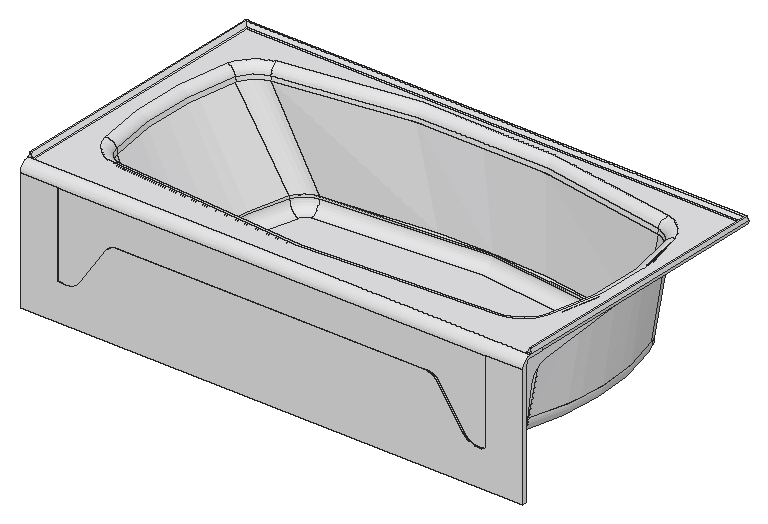
Revit family "Bath-Alcove-KOHLER-Seaforth-K-746", category Plumbing Fixtures, host Face, Revit 2015
Parameters (values of type "0-White")
  Width = 30 1/4"  # constant formula
  Waste Water Outlet = "Waste Water Outlet"  # constant formula
  Waste Connection = 1 = 1  # yes
  Vent Connection = 1 = 0  # no
  URL = "https://www.us.kohler.com/us/"
  Type = 1
  Product Page URL = "http://www.us.kohler.com/us/catalog/productDetails.jsp?productNumber=746"
  Product Name = "Seaforth"  # constant formula
  Product Documentation Link = "https://www.us.kohler.com/webassets/kpna/catalog/pdf/en/K-746_spec.pdf"
  Model = if(Type = 1, "K-746-0", if(Type = 2, "K-746-96", if(Type = 3, "K-746-47", "NA")))  # "K-746-0"
  Material = "Enameled Cast Iron"  # constant formula
  MasterFormat 2004 = "22.41.19"  # constant formula
  MasterFormat 1995 = "15410"  # constant formula
  Manufacturer Address = "444 Highland Dr, Kohler, WI 53044"  # constant formula
  Manufacturer = "KOHLER Co."  # constant formula
  Length = 54"  # constant formula
  Hot Water Inlet = "Hot Water Inlet"  # constant formula
  Height = 14"  # constant formula
  HW Connection = 1 = 0  # no
  Finish = Kohler-Enameled_Cast_Iron-0-White
  Environmental Product Declaration = ""
  Drain Included = 1 = 0  # no
  Description = "54 Inch x 31 Inch alcove bath with right-hand drain"  # constant formula
  Default Elevation = 0"
  Declare Label = ""
  Date Modified = "01/22/2019"  # constant formula
  Date Created = "01/22/2019"  # constant formula
  Copyright = "Copyright KOHLER Co."  # constant formula
  Contact Us = "https://www.us.kohler.com/us/static/contact.jsp"
  Cold Water Inlet = "Cold Water Inlet"  # constant formula
  CW Connection = 1 = 0  # no
  Assembly Code = "D2010500"
  ADA Compliant = 1 = 1  # yes
Types (4): name | Type | Model | Finish
  (no name) | 1 | "K-746-0" | Kohler-Enameled_Cast_Iron-0-White
  0-White | 1 | "K-746-0" | Kohler-Enameled_Cast_Iron-0-White
  96-Biscuit | 2 | "K-746-96" | Kohler-Enameled_Cast_Iron-96-Biscuit
  47-Almond | 3 | "K-746-47" | Kohler-Enameled_Cast_Iron-47-Almond
Reference planes (in)
  plane 1 "Center (Front/Back)": y = 0
  plane 2: z = 0
  plane 3 "Center (Left/Right)": x = 0
  plane 4: y = 14
  plane 5: y = -16.25
  plane 6: x = -27
  plane 7: x = 27
  plane 8: z = 14
  plane 9: x = 18.5
  plane 10: x = 26.125
  plane 11: x = 25.375
Dimensions and locks (in)
  "Length": plane 6 to plane 7
  "Width": plane 5 to plane 4
  "Height": plane 8 to plane 2
  equal spacing: plane 6, plane 3 "Center (Left/Right)", plane 7
  locked: plane 1 "Center (Front/Back)" to plane 4 at 14
  locked: plane 9 to plane 7 at 8.5
  plane 11 to plane 10 = 3/4"
  aligned and locked: plane 2 to host face
  aligned and locked: level to host face
Automatic sketch dimensions
  host sketch curve to host sketch curve = 96"  (x2)
Nested families (in)
  nested 1: "K-746" at (0, -0.5, 0), type "K-746"
Connectors (in)
  piping at (18.5, 0, 0.500251), diameter 1.5, driven by "Waste Connection", driven by "Waste Water Outlet"
    settings: on nested 1, index 1, connector inside diameter 24", connector length 0", flow factor 0, pipe flow 0 GPM, pressure drop 0.00 psi, fitting loss kfactor 0, connector angle 0.00°, fixture units 0, engagement length 0", angle of deflection 0.00°, flow configuration 0, flow direction 2, fitting loss method 0, system type 16, joint type 0, gender type 0, connector reference index -1, connector utility 1, adjustable connector no, is connector primary yes, connector description "Waste Water Outlet"
Definition of nested family "K-746"
  Parameters (values of type "K-746")
    Material = none
  Reference planes (in)
    plane 1 "Center (Front/Back)": y = 0
    plane 2: z = 0
    plane 3 "Center (Left/Right)": x = 0
    plane 4: x = 27
    plane 5: y = 14.5
    plane 6: x = -27
    plane 7: y = -15.75
    plane 8: x = 18.5
    plane 9 "A": y = 0.5
    plane 10: z = 14
    plane 11: z = 14.4977599
    plane 12: x = 26.125
    plane 13: x = 25.375
  Forms (in)
    Sweep 1, solid, material <- "Material", detail levels medium+fine
      path origin (0, 0, 0) x (1, 0, 0) y (0, 1, 0)
        loop
          arc (-15.6231039, -8.7545296) -> (1.6372902, -9.5490927) -> (18.8842699, -8.503042) r 162.1983883
          arc (18.8842699, -8.503042) -> (19.5220636, -8.2380616) -> (19.9217964, -7.6748483) r 1.25
          arc (19.9217964, -7.6748483) -> (21.2284976, 0.0714311) -> (19.8737657, 7.8094551) r 23.1875138
          arc (19.8737657, 7.8094551) -> (19.5194837, 8.3295483) -> (18.9566949, 8.6111179) r 1.25
          arc (18.9566949, 8.6111179) -> (1.7142343, 10.5658573) -> (-15.5828623, 9.1752087) r 89.9995134
          arc (-15.5828623, 9.1752087) -> (-16.1790494, 8.8915909) -> (-16.5475997, 8.3438238) r 1.25
          arc (-16.5475997, 8.3438238) -> (-17.9130508, 0.2388673) -> (-16.6906068, -7.888888) r 26.1031257
          arc (-16.6906068, -7.888888) -> (-16.286501, -8.4815869) -> (-15.6231039, -8.7545296) r 1.25
      profile origin (1.6372902, -9.5490927, 0) x (-0.007288, 0.999973, 0) y (0, 0, 1)
        loop
          arc (0.1108936, 1.720294) -> (-0.802476, 2.0821719) -> (-1.2201519, 2.9714111) r 1.3335987
          line (-1.2201519, 2.9714111) -> (-1.2355746, 3.220294) -> (-1.7884829, 3.220294) -> (-1.7848932, 3.1356003)
          arc (-1.7848932, 3.1356003) -> (-1.1706332, 1.7764472) -> (0.2133127, 1.220294) r 2
          line (0.2133127, 1.220294) -> (1.0258565, 1.220294) -> (1.0258565, 1.720294) -> (0.1108936, 1.720294)
    Sweep 2, solid, material <- "Material", detail levels medium+fine
      path origin (0, 0, 0) x (1, 0, 0) y (0, 1, 0)
        loop
          arc (23.2679522, -8.1670913) -> (24.5122247, -0.0276233) -> (23.2439317, 8.1081365) r 26.9840059
          arc (23.2439317, 8.1081365) -> (22.3995849, 9.4451309) -> (21.0092996, 10.1985117) r 3.1288874
          arc (21.0092996, 10.1985117) -> (0.0873196, 12.783353) -> (-20.8581008, 10.3958822) r 89.3760697
          arc (-20.8581008, 10.3958822) -> (-22.3336193, 9.5813489) -> (-23.1725314, 8.1195535) r 3.1289063
          arc (-23.1725314, 8.1195535) -> (-24.1870326, 0.1542201) -> (-23.2532047, -7.8209735) r 33.0924194
          arc (-23.2532047, -7.8209735) -> (-22.3089519, -9.4055708) -> (-20.6361172, -10.1828648) r 3.1289063
          arc (-20.6361172, -10.1828648) -> (0.0193381, -11.624333) -> (20.6845953, -10.3309627) r 156.7635243
          arc (20.6845953, -10.3309627) -> (22.2924724, -9.6265236) -> (23.2679522, -8.1670913) r 3.1288874
      profile origin (24.5122247, -0.0276233, 0) x (-0.999999, -0.001476, 0) y (0, 0, 1)
        loop
          line (-0.2135506, 13.1202361) -> (-0.1358852, 12.6797736) -> (0.2883716, 12.6797736) -> (0.2100107, 13.1241802)
          arc (0.2100107, 13.1241802) -> (-0.1524838, 13.7520392) -> (-0.8337506, 14) r 1.059863
          line (-0.8337506, 14) -> (-1.0021226, 14) -> (-1.0021226, 13.74) -> (-0.9521564, 13.74)
          arc (-0.9521564, 13.74) -> (-0.4700657, 13.5645333) -> (-0.2135506, 13.1202361) r 0.75
    Extrusion 3, solid, material <- "Material", detail levels medium+fine
      sketch origin (0, 0, 0) x (1, 0, 0) y (0, 1, 0)
        loop
          arc (-15.4024537, 8.1653402) -> (-15.5093588, 8.1144833) -> (-15.5754453, 8.0162606) r 0.2241435
          arc (-15.5754453, 8.0162606) -> (-16.8872341, 0.22983) -> (-15.7128322, -7.5785033) r 25.0772691
          arc (-15.7128322, -7.5785033) -> (-15.6403701, -7.684783) -> (-15.5214132, -7.7337257) r 0.2241435
          arc (-15.5214132, -7.7337257) -> (1.629814, -8.5232634) -> (18.7677117, -7.4838287) r 161.1725318
          arc (18.7677117, -7.4838287) -> (18.8820776, -7.4363138) -> (18.9537555, -7.3353213) r 0.2241435
          arc (18.9537555, -7.3353213) -> (20.202646, 0.0682491) -> (18.9078498, 7.4639292) r 22.1616572
          arc (18.9078498, 7.4639292) -> (18.8443218, 7.5571896) -> (18.7434055, 7.6076792) r 0.2241435
          arc (18.7434055, 7.6076792) -> (1.6974825, 9.5401376) -> (-15.4024537, 8.1653402) r 88.9736568
      from 1.220294 to 1.720294
    Blend 4, solid, material <- "Material", detail levels medium+fine
      base sketch origin (0, 0, 0) x (1, 0, 0) y (0, 1, 0)
        loop
          arc (-18.2424579, 8.9148989) -> (-19.7014644, 0.2546229) -> (-18.3952633, -8.4300141) r 27.8916086
          arc (-18.3952633, -8.4300141) -> (-17.4129686, -9.8707385) -> (-15.8003919, -10.5342038) r 3.0384829
          arc (-15.8003919, -10.5342038) -> (1.6503242, -11.3375282) -> (19.087478, -10.2799432) r 163.9868713
          arc (19.087478, -10.2799432) -> (20.6378182, -9.6358323) -> (21.6094832, -8.2667812) r 3.0384829
          arc (21.6094832, -8.2667812) -> (23.0169719, 0.0769788) -> (21.5577478, 8.4118466) r 24.9759967
          arc (21.5577478, 8.4118466) -> (20.696564, 9.6760821) -> (19.3285446, 10.3605175) r 3.0384829
          arc (19.3285446, 10.3605175) -> (1.7434394, 12.3541018) -> (-15.8973875, 10.935818) r 91.7879963
          arc (-15.8973875, 10.935818) -> (-17.346591, 10.2464038) -> (-18.2424579, 8.9148989) r 3.0384829
      top sketch origin (0, 0, 0) x (1, 0, 0) y (0, 1, 0)
        loop
          arc (23.3734299, 8.1493068) -> (22.4924138, 9.5443659) -> (21.0417495, 10.3304655) r 3.2647726
          arc (21.0417495, 10.3304655) -> (0.0879602, 12.9192367) -> (-20.8893052, 10.528136) r 89.5119549
          arc (-20.8893052, 10.528136) -> (-22.4289039, 9.6782284) -> (-23.3042491, 8.1529487) r 3.2647914
          arc (-23.3042491, 8.1529487) -> (-24.322916, 0.1549078) -> (-23.3852536, -7.8530339) r 33.2283046
          arc (-23.3852536, -7.8530339) -> (-22.3999929, -9.5064486) -> (-20.6545087, -10.3174996) r 3.2647914
          arc (-20.6545087, -10.3174996) -> (0.018851, -11.7602173) -> (20.7020213, -10.4657259) r 156.8994095
          arc (20.7020213, -10.4657259) -> (22.3797273, -9.7306936) -> (23.3975713, -8.2078793) r 3.2647726
          arc (23.3975713, -8.2078793) -> (24.6481097, -0.0274227) -> (23.3734299, 8.1493068) r 27.1198911
      from 3.220294 to 12.6797736
    Blend 5, void
      base sketch origin (0, 0, 0) x (1, 0, 0) y (0, 1, 0)
        loop
          arc (21.0836357, -8.0823475) -> (22.4597212, 0.0752503) -> (21.0330547, 8.2241542) r 24.4187433
          arc (21.0330547, 8.2241542) -> (20.3298107, 9.2565307) -> (19.2126841, 9.8154417) r 2.4812296
          arc (19.2126841, 9.8154417) -> (1.7343397, 11.7969227) -> (-15.7993881, 10.3872494) r 91.2307429
          arc (-15.7993881, 10.3872494) -> (-16.9828098, 9.8242728) -> (-17.714376, 8.736964) r 2.4812296
          arc (-17.714376, 8.736964) -> (-19.1442326, 0.2497138) -> (-17.8641284, -8.2614107) r 27.3343552
          arc (-17.8641284, -8.2614107) -> (-17.0619852, -9.4379083) -> (-15.7451527, -9.979695) r 2.4812296
          arc (-15.7451527, -9.979695) -> (1.646263, -10.7802896) -> (19.0241627, -9.7262984) r 163.4296179
          arc (19.0241627, -9.7262984) -> (20.2901727, -9.2003165) -> (21.0836357, -8.0823475) r 2.4812296
      top sketch origin (0, 0, 0) x (1, 0, 0) y (0, 1, 0)
        loop
          arc (23.0188472, 8.0365771) -> (22.2382364, 9.2726478) -> (20.9528976, 9.9691592) r 2.8927015
          arc (20.9528976, 9.9691592) -> (-0.0108996, 12.5475746) -> (-20.9928382, 10.1212035) r 89.1398838
          arc (-20.9928382, 10.1212035) -> (-22.3546171, 9.3658881) -> (-23.1274747, 8.0139878) r 2.8927015
          arc (-23.1274747, 8.0139878) -> (-24.1227773, 0.142271) -> (-23.2020403, -7.7385156) r 32.8562335
          arc (-23.2020403, -7.7385156) -> (-22.3306521, -9.2038991) -> (-20.7852972, -9.9239992) r 2.8927015
          arc (-20.7852972, -9.9239992) -> (-0.0712366, -11.3877942) -> (20.6543068, -10.096727) r 156.5273383
          arc (20.6543068, -10.096727) -> (22.1408123, -9.4454629) -> (23.0426574, -8.0961967) r 2.8927015
          arc (23.0426574, -8.0961967) -> (24.276039, -0.0279719) -> (23.0188472, 8.0365771) r 26.74782
      from 3.220294 to 12.9128406
    Sweep 6, solid, material <- "Material", detail levels medium+fine
      path origin (0, 0, 0) x (1, 0, 0) y (0, 1, 0)
        loop
          line (-26.9210288, -14.5788182) -> (-26.921185, 14.4211818) -> (26.921185, 14.4211818) -> (26.921185, -14.5788182)
      profile origin (0, 14.4211818, 0) x (0, 1, 0) y (0, 0, 1)
        loop
          line (-0.5012955, 13.74) -> (0.0329731, 13.74) -> (0.0788182, 14) -> (-0.000683, 14.4450431)
          arc (-0.000683, 14.4450431) -> (-0.0531176, 14.4977599) -> (-0.1208933, 14.4671836) r 0.0652755
          line (-0.1208933, 14.4671836) -> (-0.3665867, 14.0582812)
          arc (-0.3665867, 14.0582812) -> (-0.4104204, 14.0155802) -> (-0.4695983, 14) r 0.1201768
          line (-0.4695983, 14) -> (-0.5012955, 14) -> (-0.5012955, 13.74)
    Extrusion 7, solid, material <- "Material", detail levels medium+fine
      sketch origin (0, 0, 0) x (1, 0, 0) y (0, 1, 0)
        loop
          line (-26.4197405, -13.2529973) -> (26.4197405, -13.2529973) -> (26.4198868, 13.9198863) -> (-26.4198868, 13.9198863) -> (-26.4197405, -13.2529973)
        loop
          arc (20.8131078, -11.3248109) -> (22.9359572, -10.3947535) -> (24.2238643, -8.467893) r 4.13101
          arc (24.2238643, -8.467893) -> (25.5143462, -0.0261443) -> (24.1989518, 8.4117585) r 27.9861285
          arc (24.1989518, 8.4117585) -> (23.0841769, 10.1769667) -> (21.2486099, 11.1716409) r 4.13101
          arc (21.2486099, 11.1716409) -> (0.0920437, 13.7854645) -> (-21.0882257, 11.3712244) r 90.3781923
          arc (-21.0882257, 11.3712244) -> (-23.0363216, 10.2958132) -> (-24.1439195, 8.3658356) r 4.1310289
          arc (-24.1439195, 8.3658356) -> (-25.1891424, 0.1592917) -> (-24.2270358, -8.0574111) r 34.0945421
          arc (-24.2270358, -8.0574111) -> (-22.9803588, -10.1495215) -> (-20.7717505, -11.1757663) r 4.1310289
          arc (-20.7717505, -11.1757663) -> (0.0157464, -12.6264492) -> (20.8131078, -11.3248109) r 157.7656469
      from 13.74 to 14
    Extrusion 8, solid, material <- "Material", detail levels medium+fine
      sketch origin (0, 0, 0) x (0, 1, 0) y (0, 0, 1)
        loop
          line (-15.75, 12.9429865) -> (-15.75, 0) -> (-15.44, 0) -> (-15.44, 12.9295367)
          arc (-15.44, 12.9295367) -> (-15.2026208, 13.5026208) -> (-14.6295367, 13.74) r 0.8104633
          line (-14.6295367, 13.74) -> (-13.2530002, 13.74) -> (-13.2530004, 14) -> (-14.6929865, 14)
          arc (-14.6929865, 14) -> (-15.4404079, 13.6904079) -> (-15.75, 12.9429865) r 1.0570135
      from -27.0000066 to 27.0000066
    Revolve 9, solid, detail levels medium+fine
      sketch origin (0, 0.5, 0) x (-1, 0, 0) y (0, 0, 1)
        loop
          line (-23.6541463, 11.6232654) -> (-23.9426949, 11.5723865) -> (-23.8022788, 10.7760472) -> (-22.8056528, 10.9517821)
          arc (-22.8056528, 10.9517821) -> (-22.9372656, 11.6015581) -> (-23.101589, 12.2438421) r 13.0977419
          arc (-23.101589, 12.2438421) -> (-23.1563949, 12.3189974) -> (-23.2469164, 12.3403954) r 0.1340557
          line (-23.2469164, 12.3403954) -> (-23.7692862, 12.2762564) -> (-23.6541463, 11.6232654)
        axis (-22.8056528, 10.9517821) -> (-23.8022788, 10.7760472)
      angle from 0 to 360
    Revolve 10, solid, detail levels medium+fine
      sketch origin (0, 0.5, 0) x (-1, 0, 0) y (0, 0, 1)
        loop
          line (-19.1284347, 1.8052986) -> (-19.1284347, 1.5602986) -> (-18.6605321, 1.5602986) -> (-18.6605321, 1.3102986) -> (-18.5, 1.3102986) -> (-18.5, 1.9896896)
          arc (-18.5, 1.9896896) -> (-19.1736871, 1.9676722) -> (-19.8444991, 1.9017137) r 10.3176926
          arc (-19.8444991, 1.9017137) -> (-19.8865009, 1.8505514) -> (-19.8381902, 1.8052986) r 0.0484139
          line (-19.8381902, 1.8052986) -> (-19.1284347, 1.8052986)
        axis (-18.5, 1.9896896) -> (-18.5, 1.3102986)
      angle from 0 to 360
    Revolve 11, void
      sketch origin (0, 0.5, 0) x (-1, 0, 0) y (0, 0, 1)
        loop
          line (-18.5, 1.720294) -> (-20.0849951, 1.720294)
          arc (-20.0849951, 1.720294) -> (-19.9672342, 1.7037438) -> (-19.8585971, 1.6553755) r 0.4272312
          line (-19.8585971, 1.6553755) -> (-19.5871747, 1.4857719) -> (-18.5, 1.4857719) -> (-18.5, 1.720294)
        axis (-18.5, 1.720294) -> (-18.5, 1.4857719)
      angle from 0 to 360
    Revolve 12, solid, material <- "Material", detail levels medium+fine
      sketch origin (0, 0.5, 0) x (-1, 0, 0) y (0, 0, 1)
        loop
          line (-18.5, 0.500251) -> (-17.7027952, 0.500251) -> (-17.7027952, 0.25) -> (-16.8643302, 0.25)
          arc (-16.8643302, 0.25) -> (-16.5413782, 0.8241599) -> (-16.0198134, 1.2265625) r 1.6526759
          line (-16.0198134, 1.2265625) -> (-18.5, 1.2265625) -> (-18.5, 0.500251)
        axis (-18.5, 1.2265625) -> (-18.5, 0.25)
      angle from 0 to 360
    Extrusion 13, solid, material <- "Material"
      sketch origin (0, 0, 0) x (0, 1, 0) y (0, 0, 1)
        loop
          line (8.4491783, 1.3381982) -> (7.9336462, 1.3381982) -> (8.0625, 0) -> (8.4375, 0) -> (8.4491783, 1.3381982)
        loop
          line (-8.0508217, 1.3381982) -> (-8.5663538, 1.3381982) -> (-8.4375, 0) -> (-8.0625, 0) -> (-8.0508217, 1.3381982)
      from -17.0622469 to -14.6835984
    Extrusion 14, solid, material <- "Material"
      sketch origin (0, 0, 0) x (0, 1, 0) y (0, 0, 1)
        loop
          line (8.6875, 0) -> (8.6991783, 1.3381982) -> (8.1836462, 1.3381982) -> (8.3125, 0) -> (8.6875, 0)
        loop
          line (-8.6875, 0) -> (-8.3125, 0) -> (-8.3008217, 1.3381982) -> (-8.8163538, 1.3381982) -> (-8.6875, 0)
      from 14.8418945 to 17.1572715
    Extrusion 15, solid, material <- "Material", detail levels medium+fine
      sketch origin (0, 0, 0) x (0, 1, 0) y (0, 0, 1)
        loop
          line (-11.4971738, 11.9575688) -> (5.605104, 13.74) -> (-14.6275633, 13.74)
          arc (-14.6275633, 13.74) -> (-15.2020428, 13.5020428) -> (-15.44, 12.9275633) r 0.8124367
          line (-15.44, 12.9275633) -> (-15.44, 0.4352409)
          arc (-15.44, 0.4352409) -> (-15.2595245, 0.6770616) -> (-15.1307376, 0.94994) r 1.509887
          line (-15.1307376, 0.94994) -> (-13.4980797, 10.0972328)
          arc (-13.4980797, 10.0972328) -> (-12.8085413, 11.3618085) -> (-11.4971738, 11.9575688) r 2.2717383
      from -26.0657564 to -25.5544566
    Extrusion 16, solid, material <- "Material", detail levels medium+fine
      sketch origin (0, 0, 0) x (0, 1, 0) y (0, 0, -1)
        loop
          arc (-11.4971738, -11.9575688) -> (-12.8085413, -11.3618085) -> (-13.4980797, -10.0972328) r 2.2717383
          line (-13.4980797, -10.0972328) -> (-15.1307376, -0.94994)
          arc (-15.1307376, -0.94994) -> (-15.2595245, -0.6770616) -> (-15.44, -0.4352409) r 1.509887
          line (-15.44, -0.4352409) -> (-15.44, -12.9275633)
          arc (-15.44, -12.9275633) -> (-15.2020428, -13.5020428) -> (-14.6275633, -13.74) r 0.8124367
          line (-14.6275633, -13.74) -> (5.605104, -13.74) -> (-11.4971738, -11.9575688)
      from -26.0657564 to -25.5544566
    Extrusion 17, void
      sketch origin (0, 0, 0) x (1, 0, 0) y (0, 0, 1)
        loop
          line (-23, 12.938) -> (-23, 3.9952614)
          arc (-23, 3.9952614) -> (-21.6507358, 3.9081887) -> (-20.5543951, 4.6994741) r 2
          line (-20.5543951, 4.6994741) -> (-17.8487485, 8.6474327)
          arc (-17.8487485, 8.6474327) -> (-17.3107352, 9.1264829) -> (-16.6114324, 9.2994653) r 1.5
          line (-16.6114324, 9.2994653) -> (16.6114323, 9.2994653)
          arc (16.6114323, 9.2994653) -> (17.3107352, 9.1264829) -> (17.8487485, 8.6474327) r 1.5
          line (17.8487485, 8.6474327) -> (20.554395, 4.6994741)
          arc (20.554395, 4.6994741) -> (21.6507358, 3.9081887) -> (23, 3.9952614) r 2
          line (23, 3.9952614) -> (23, 12.938) -> (-23, 12.938)
      from 15.6573569 to 15.7963646
    Blend 18, solid, material <- "Material", detail levels coarse
      base sketch origin (0, 0, 0) x (1, 0, 0) y (0, 1, 0)
        loop
          arc (-18.3952633, -8.4300141) -> (-17.4129686, -9.8707385) -> (-15.8003919, -10.5342038) r 3.0384829
          arc (-15.8003919, -10.5342038) -> (1.6503242, -11.3375282) -> (19.087478, -10.2799432) r 163.9868713
          arc (19.087478, -10.2799432) -> (20.6378182, -9.6358323) -> (21.6094832, -8.2667812) r 3.0384829
          arc (21.6094832, -8.2667812) -> (23.0169719, 0.0769788) -> (21.5577478, 8.4118466) r 24.9759967
          arc (21.5577478, 8.4118466) -> (20.696564, 9.6760821) -> (19.3285446, 10.3605175) r 3.0384829
          arc (19.3285446, 10.3605175) -> (1.7434394, 12.3541018) -> (-15.8973875, 10.935818) r 91.7879963
          arc (-15.8973875, 10.935818) -> (-17.346591, 10.2464038) -> (-18.2424579, 8.9148989) r 3.0384829
          arc (-18.2424579, 8.9148989) -> (-19.7014644, 0.2546229) -> (-18.3952633, -8.4300141) r 27.8916086
      top sketch origin (0, 0, 0) x (1, 0, 0) y (0, 1, 0)
        loop
          arc (-23.3042491, 8.1529487) -> (-24.322916, 0.1549078) -> (-23.3852536, -7.8530339) r 33.2283046
          arc (-23.3852536, -7.8530339) -> (-22.3999929, -9.5064486) -> (-20.6545087, -10.3174996) r 3.2647914
          arc (-20.6545087, -10.3174996) -> (0.018851, -11.7602173) -> (20.7020213, -10.4657259) r 156.8994095
          arc (20.7020213, -10.4657259) -> (22.3797273, -9.7306936) -> (23.3975713, -8.2078793) r 3.2647726
          arc (23.3975713, -8.2078793) -> (24.6481097, -0.0274227) -> (23.3734299, 8.1493068) r 27.1198911
          arc (23.3734299, 8.1493068) -> (22.4924138, 9.5443659) -> (21.0417495, 10.3304655) r 3.2647726
          arc (21.0417495, 10.3304655) -> (0.0879602, 12.9192367) -> (-20.8893052, 10.528136) r 89.5119549
          arc (-20.8893052, 10.528136) -> (-22.4289039, 9.6782284) -> (-23.3042491, 8.1529487) r 3.2647914
      from 0.500251 to 13.74
    Blend 19, void
      base sketch origin (0, 0, 0) x (1, 0, 0) y (0, 1, 0)
        loop
          arc (-17.8682698, -8.2627253) -> (-17.0647219, -9.4412832) -> (-15.7455834, -9.9840187) r 2.4855746
          arc (-15.7455834, -9.9840187) -> (1.6462947, -10.7846345) -> (19.0246564, -9.7306154) r 163.4339629
          arc (19.0246564, -9.7306154) -> (20.2928834, -9.2037124) -> (21.0877359, -8.0837855) r 2.4855746
          arc (21.0877359, -8.0837855) -> (22.4640662, 0.0752637) -> (21.0371458, 8.2256176) r 24.4230884
          arc (21.0371458, 8.2256176) -> (20.3326704, 9.2598021) -> (19.2135875, 9.8196917) r 2.4855746
          arc (19.2135875, 9.8196917) -> (1.7344107, 11.8012672) -> (-15.8001523, 10.3915267) r 91.235088
          arc (-15.8001523, 10.3915267) -> (-16.9856463, 9.8275642) -> (-17.7184936, 8.7383514) r 2.4855746
          arc (-17.7184936, 8.7383514) -> (-19.1485775, 0.249752) -> (-17.8682698, -8.2627253) r 27.3387003
      top sketch origin (0, 0, 0) x (1, 0, 0) y (0, 1, 0)
        loop
          arc (-23.0738759, -7.7503069) -> (-22.2042495, -9.2092665) -> (-20.664102, -9.9253396) r 2.8826784
          arc (-20.664102, -9.9253396) -> (-0.0307709, -11.3731831) -> (20.6151175, -10.0878183) r 156.5424858
          arc (20.6151175, -10.0878183) -> (22.0961534, -9.4397007) -> (22.9954258, -8.09626) r 2.8827763
          arc (22.9954258, -8.09626) -> (24.2323645, -0.025703) -> (22.9710969, 8.0410876) r 26.6846834
          arc (22.9710969, 8.0410876) -> (22.1910754, 9.2734468) -> (20.9076765, 9.9662886) r 2.8827731
          arc (20.9076765, 9.9662886) -> (0.0294459, 12.5295318) -> (-20.8679564, 10.1276004) r 89.1142669
          arc (-20.8679564, 10.1276004) -> (-22.2254386, 9.3769184) -> (-22.9973125, 8.0313727) r 2.8826512
          arc (-22.9973125, 8.0313727) -> (-24.0030624, 0.1452265) -> (-23.0738759, -7.7503069) r 32.6636524
      from 1.8052986 to 15.1642132
    Extrusion 20, solid, material <- "Material", detail levels coarse
      sketch origin (0, 0, 0) x (0, 1, 0) y (0, 0, 1)
        loop
          line (14.5, 14.4977599) -> (-15.75, 14.4977599) -> (-15.75, 0) -> (-15.44, 0) -> (-15.44, 13.74) -> (14.5, 13.74) -> (14.5, 14.4977599)
      from -27 to 27
    Extrusion 21, solid, material <- "Material", detail levels coarse
      sketch origin (0, 0, 0) x (1, 0, 0) y (0, 1, 0)
        loop
          circle (18.5, 0.5) r 1.6356698
      from 0 to 1.0300251
    Revolve 22, solid, detail levels coarse
      sketch origin (0, 0.5, 0) x (-1, 0, 0) y (0, 0, 1)
        loop
          line (-23.8022767, 10.7760476) -> (-22.7747478, 10.9572315) -> (-23.0303076, 12.4065603) -> (-24.0578365, 12.2253764) -> (-23.8022767, 10.7760476)
        axis (-23.8022767, 10.7760476) -> (-22.7747478, 10.9572315)
      angle from 0 to 360
  Cuts and joins
    Extrusion 17 cuts Extrusion 8
    joined: Sweep 2, Sweep 6, Extrusion 7, Extrusion 8, Extrusion 15, Extrusion 16
    joined: Extrusion 13, Extrusion 14
    Blend 5, Revolve 11 cuts Blend 4
    Revolve 11 cuts Sweep 1
    Revolve 11 cuts Extrusion 3
    joined: Sweep 1, Extrusion 3
    Blend 19 cuts Blend 18
    Blend 19 cuts Extrusion 20
    joined: Blend 18, Extrusion 20, Extrusion 21
    joined: Revolve 9, Revolve 10
  Lines and regions (in)
    Masking region 1
      outline origin (0, 0, 0) x (1, 0, 0) y (0, 0, 1)
        loop
          line (-27, 14) -> (-27, 0) -> (27, 0) -> (27, 14) -> (26.9205021, 14.4450427)
          arc (26.9205021, 14.4450427) -> (26.9025244, 14.4795968) -> (26.8680674, 14.4977599) r 0.0652755
          line (26.8680674, 14.4977599) -> (-26.8679112, 14.4977599)
          arc (-26.8679112, 14.4977599) -> (-26.9023603, 14.4796046) -> (-26.920342, 14.4450645) r 0.0652755
          line (-26.920342, 14.4450645) -> (-27, 14)
    Masking region 2
      outline origin (0, 0, 0) x (0, 1, 0) y (0, 0, 1)
        loop
          line (12.3600386, 3.1126692) -> (12.9202313, 12.6797736)
          arc (12.9202313, 12.6797736) -> (12.9626278, 12.9890247) -> (13.0524121, 13.287977) r 2.0091894
          arc (13.0524121, 13.287977) -> (13.3083414, 13.6134284) -> (13.7025469, 13.74) r 0.7076793
          line (13.7025469, 13.74) -> (14.454155, 13.74) -> (14.5, 14) -> (14.4204988, 14.4450431)
          arc (14.4204988, 14.4450431) -> (14.402521, 14.4795969) -> (14.3680642, 14.4977599) r 0.0652755
          line (14.3680642, 14.4977599) -> (-13.6951343, 14.4977599)
          arc (-13.6951343, 14.4977599) -> (-14.2472971, 14.3662623) -> (-14.6809183, 14) r 1.2250234
          arc (-14.6809183, 14) -> (-15.4368732, 13.6868732) -> (-15.75, 12.9309183) r 1.0690817
          line (-15.75, 12.9309183) -> (-15.75, 0) -> (-15.44, 0) -> (-15.44, 0.4352409)
          arc (-15.44, 0.4352409) -> (-15.2595245, 0.6770616) -> (-15.1307376, 0.94994) r 1.509887
          line (-15.1307376, 0.94994) -> (-13.4980797, 10.0972328)
          arc (-13.4980797, 10.0972328) -> (-12.8913153, 11.2808192) -> (-11.725939, 11.9218636) r 2.2717383
          line (-11.725939, 11.9218636) -> (-11.3386673, 3.1474359)
          arc (-11.3386673, 3.1474359) -> (-10.7930731, 1.8781225) -> (-9.5437349, 1.288221) r 1.951389
          arc (-9.5437349, 1.288221) -> (-9.1749574, 1.2594441) -> (-8.8061001, 1.2317088) r 130.9743856
          line (-8.8061001, 1.2317088) -> (-8.6875, 0) -> (-8.0625, 0) -> (-8.0522173, 1.1782795)
          arc (-8.0522173, 1.1782795) -> (-4.8104557, 0.9982623) -> (-1.565228, 0.898655) r 130.9743856
          arc (-1.565228, 0.898655) -> (-1.3170854, 0.5964218) -> (-1.1356698, 0.25) r 1.9107299
          line (-1.1356698, 0.25) -> (2.1356698, 0.25)
          arc (2.1356698, 0.25) -> (2.3129767, 0.590191) -> (2.5546662, 0.8881066) r 1.9107299
          arc (2.5546662, 0.8881066) -> (5.2579673, 0.9516222) -> (7.9593809, 1.0709325) r 130.9743856
          line (7.9593809, 1.0709325) -> (8.0625, 0) -> (8.6875, 0) -> (8.6875, 1.1126588)
          arc (8.6875, 1.1126588) -> (9.59961, 1.1706719) -> (10.511293, 1.2350484) r 130.9743856
          arc (10.511293, 1.2350484) -> (11.7885878, 1.8263643) -> (12.3600386, 3.1126692) r 2
    Masking region 3
      outline origin (0, 0, 0) x (1, 0, 0) y (0, 1, 0)
        loop
          line (-27, 14.5) -> (-27, -15.75) -> (27, -15.75) -> (27, 14.5) -> (-27, 14.5)
    symbolic lines, detail levels medium+fine
      curve 1: line (-23, 0, 12.938) -> (-23, 0, 3.9952614)
      curve 2: arc (-23, 0, 3.9952614) -> (-21.6507358, 0, 3.9081887) -> (-20.5543951, 0, 4.6994741) r 2
      curve 3: line (-20.5543951, 0, 4.6994741) -> (-17.8487485, 0, 8.6474327)
      curve 4: arc (-17.8487485, 0, 8.6474327) -> (-17.3107352, 0, 9.1264829) -> (-16.6114324, 0, 9.2994653) r 1.5
      curve 5: line (-16.6114324, 0, 9.2994653) -> (16.6114323, 0, 9.2994653)
      curve 6: arc (16.6114323, 0, 9.2994653) -> (17.3107352, 0, 9.1264829) -> (17.8487485, 0, 8.6474327) r 1.5
      curve 7: line (17.8487485, 0, 8.6474327) -> (20.554395, 0, 4.6994741)
      curve 8: arc (20.554395, 0, 4.6994741) -> (21.6507358, 0, 3.9081887) -> (23, 0, 3.9952614) r 2
      curve 9: line (23, 0, 3.9952614) -> (23, 0, 12.938)
      curve 10: line (23, 0, 12.938) -> (-23, 0, 12.938)
      curve 11: line (-27, 0, 14) -> (27.0000066, 0, 14)
      curve 12: line (0, 14.5, 14) -> (0, -14.6809183, 14)
      curve 13: line (0, 13.7025469, 13.74) -> (0, -14.6295367, 13.74)
      curve 14: arc (0, -15.44, 12.9295367) -> (0, -15.2026208, 13.5026208) -> (0, -14.6295367, 13.74) r 0.8104633
      curve 15: line (0, -15.44, 0.4352409) -> (0, -15.44, 12.9295367)
      curve 16: line (0, -11.725939, 11.9218636) -> (0, 5.605104, 13.74)
      curve 17: line (0, 8.4375, 1.3381982) -> (0, 7.9336462, 1.3381982)
      curve 18: line (0, 7.9336462, 1.3381982) -> (0, 7.9593809, 1.0709325)
      curve 19: line (0, 8.6875, 1.1126588) -> (0, 8.4375, 1.1015624)
      curve 20: line (0, 8.4375, 0) -> (0, 8.4375, 1.3381982)
      curve 21: line (0, 2.5546662, 0.8881066) -> (0, -1.565228, 0.898655)
      curve 22: line (0, -8.5663538, 1.3381982) -> (0, -8.0508217, 1.3381982)
      curve 23: line (0, -8.0508217, 1.3381982) -> (0, -8.0522173, 1.1782795)
      curve 24: line (0, -8.5549308, 1.2195656) -> (0, -8.8061001, 1.2317088)
      curve 25: line (0, -8.5663538, 1.3381982) -> (0, -8.4375, 0)
      curve 26: arc (-23.3042491, 8.1529487, 0) -> (-24.322916, 0.1549078, 0) -> (-23.3852536, -7.8530339, 0) r 33.2283046
      curve 27: arc (-20.8893052, 10.528136, 0) -> (-22.4289039, 9.6782284, 0) -> (-23.3042491, 8.1529487, 0) r 3.2647914
      curve 28: arc (21.0417495, 10.3304655, 0) -> (0.0879602, 12.9192367, 0) -> (-20.8893052, 10.528136, 0) r 89.5119549
      curve 29: arc (-23.3852536, -7.8530339, 0) -> (-22.3999929, -9.5064486, 0) -> (-20.6545087, -10.3174996, 0) r 3.2647914
      curve 30: arc (-20.6545087, -10.3174996, 0) -> (0.018851, -11.7602173, 0) -> (20.7020213, -10.4657259, 0) r 156.8994095
      curve 31: arc (20.7020213, -10.4657259, 0) -> (22.3797273, -9.7306936, 0) -> (23.3975713, -8.2078793, 0) r 3.2647726
      curve 32: arc (23.3734299, 8.1493068, 0) -> (22.4924138, 9.5443659, 0) -> (21.0417495, 10.3304655, 0) r 3.2647726
      curve 33: circle (18.5, 0.5, 0) r 1.6356698 normal (0, 0, -1)
      curve 34: arc (-16.9151399, -7.9601638, 0) -> (-18.1486163, 0.2409426, 0) -> (-16.7708422, 8.4190444, 0) r 26.3387003
      curve 35: arc (-16.7708422, 8.4190444, 0) -> (-16.3328351, 9.0700435, 0) -> (-15.6242908, 9.4071118, 0) r 1.4855746
      curve 36: arc (-15.6242908, 9.4071118, 0) -> (1.7180811, 10.8014005, 0) -> (19.005674, 8.8415445, 0) r 90.235088
      curve 37: arc (-15.6464558, -8.9889439, 0) -> (-16.4348766, -8.6645626, 0) -> (-16.9151399, -7.9601638, 0) r 1.4855746
      curve 38: arc (18.911036, -8.7370911, 0) -> (1.639007, -9.7846611, 0) -> (-15.6464558, -8.9889439, 0) r 162.4339629
      curve 39: arc (20.1440944, -7.7528163, 0) -> (19.6690281, -8.4221725, 0) -> (18.911036, -8.7370911, 0) r 1.4855746
      curve 40: arc (20.0955757, 7.8888006, 0) -> (21.4640711, 0.0721619, 0) -> (20.1440944, -7.7528163, 0) r 23.4230884
      curve 41: arc (19.005674, 8.8415445, 0) -> (19.6745259, 8.5069105, 0) -> (20.0955757, 7.8888006, 0) r 1.4855746
      curve 42: line (-26.125, -15.75, 0) -> (-26.125, 13.625, 0)
      curve 43: line (-26.125, 13.625, 0) -> (26.125, 13.625, 0)
      curve 44: line (26.125, -15.75, 0) -> (26.125, 13.625, 0)
      curve 45: spline (23.8022767, 1.3086214, 0) -> (23.8386195, 1.2810683, 0) -> (23.8724856, 1.2002866, 0) -> (23.901567, 1.0717816, 0) -> (23.923882, 0.9043107, 0) -> (23.9379098, 0.7092866, 0) -> (23.9426945, 0.5, 0) -> (23.9379098, 0.2907134, 0) -> (23.923882, 0.0956893, 0) -> (23.901567, -0.0717816, 0) -> (23.8724856, -0.2002866, 0) -> (23.8386195, -0.2810683, 0) -> (23.8022767, -0.3086214, 0)
      curve 46: arc (22.6694067, 1.1547868, 0) -> (22.628832, 0.5005294, 0) -> (22.6694067, -0.153728, 0) r 5.2951625
      curve 47: arc (22.742108, 1.6094218, 0) -> (22.7018136, 1.382735, 0) -> (22.6694067, 1.1547868, 0) r 6.6365137
      curve 48: arc (22.8392961, 1.8490773, 0) -> (22.7791629, 1.7339291, 0) -> (22.742108, 1.6094218, 0) r 0.6776131
      curve 49: arc (22.9962765, 1.94719, 0) -> (22.9069469, 1.9154766, 0) -> (22.8392961, 1.8490773, 0) r 0.2196764
      curve 50: arc (22.6694067, -0.153728, 0) -> (22.7000936, -0.3715991, 0) -> (22.737759, -0.5883728, 0) r 6.8527104
      curve 51: arc (22.737759, -0.5883728, 0) -> (22.7746891, -0.7187561, 0) -> (22.8338585, -0.8406685, 0) r 0.7716443
      curve 52: arc (22.8338585, -0.8406685, 0) -> (22.91712, -0.9198884, 0) -> (23.0292887, -0.9449177, 0) r 0.2150535
      curve 53: line (22.9962765, 1.94719, 0) -> (23.5137264, 1.9716877, 0)
      curve 54: line (23.5137264, -0.9716877, 0) -> (23.0292887, -0.9449177, 0)
      curve 55: spline (23.5137264, -0.9716877, 0) -> (23.5798701, -0.9215412, 0) -> (23.6415063, -0.774519, 0) -> (23.6944345, -0.5406404, 0) -> (23.7350477, -0.2358439, 0) -> (23.7605782, 0.1190992, 0) -> (23.7692862, 0.5, 0) -> (23.7605782, 0.8809008, 0) -> (23.7350477, 1.2358439, 0) -> (23.6944345, 1.5406404, 0) -> (23.6415063, 1.774519, 0) -> (23.5798701, 1.9215412, 0) -> (23.5137264, 1.9716877, 0)
      curve 56: line (23.8022767, 1.3086214, 0) -> (23.7271973, 1.3086214, 0)
      curve 57: line (23.8022767, -0.3086214, 0) -> (23.7273085, -0.3060034, 0)
      curve 58: arc (23.3734299, 8.1493068, 0) -> (24.8663233, 4.4534219, 0) -> (25.375, 0.5, 0) r 15.6172844
      curve 59: arc (25.375, 0.5, 0) -> (24.8744288, -3.9647896, 0) -> (23.3975713, -8.2078793, 0) r 20.1618867
  Dimensions and locks (in)
    plane 3 "Center (Left/Right)" to plane 4 = 27"
    plane 5 to plane 9 "A" = 14"
    plane 5 to plane 7 = 30 1/4"
    plane 8 to plane 4 = 8 1/2"
    plane 6 to plane 4 = 54"
    plane 10 to plane 2 = 14"
    plane 11 to plane 10 = 0.49776"
    plane 6 to curve 42 = 7/8"
    plane 5 to curve 43 = 7/8"
    curve 44 to cut or joined group of Blend 18, Blend 19, Extrusion 20, Extrusion 21 = 7/8"
    plane 13 to plane 12 = 3/4"
    aligned and locked: plane 2 to level
